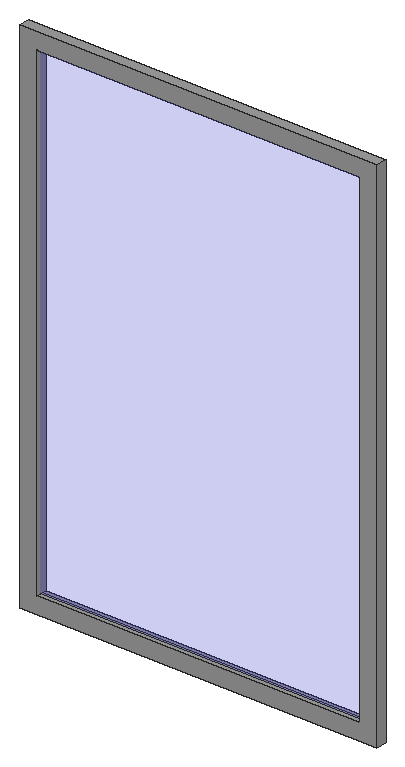
Revit family
Parameters (values of type "Curtain Wall Awning")
  Assembly Code = "B2020100"
  Glass Pane Material = Glass
  Offset = 0' - 3"
  Sash Material = Metal - Aluminum
  Sash Width = 0' - 3"
  Thickness = 0' - 2"
Reference planes (in)
  plane 1: y = 0
  plane 2: z = 0
  plane 3: x = 0
  plane 4: x = -32.75106
  plane 5: x = 32.75106
  plane 6: z = 96
  plane 7: y = 3
  plane 8: y = 1
  plane 9: z = 93
  plane 10: z = 3
  plane 11: x = 29.75106
  plane 12: x = -29.75106
  plane 13 "Closure": y = 1.75
Forms (in)
  Extrusion 1, solid, material "Metal - Aluminum" <- "Sash Material"
    sketch origin (0, 0, 0) x (0, 0, -1) y (1, 0, 0)
      loop
        line (-96, 32.75106) -> (-96, -32.75106) -> (0, -32.75106) -> (0, 32.75106) -> (-96, 32.75106)
      loop
        line (-93, 29.75106) -> (-93, -29.75106) -> (-3, -29.75106) -> (-3, 29.75106) -> (-93, 29.75106)
    from -3 to -1
  Extrusion 2, solid, material "Glass" <- "Glass Pane Material"
    sketch origin (0, 1, 0) x (0, 0, -1) y (1, 0, 0)
      loop
        line (-93, -29.75106) -> (-3, -29.75106) -> (-3, 29.75106) -> (-93, 29.75106) -> (-93, -29.75106)
    from -1.25 to -0.75
Lines and regions (in)
  symbolic lines, style "WindowsFrameMullionProjection"
    curve 1: line (32.75106, 3, 0) -> (-32.75106, 3, 0)
    curve 2: line (32.75106, 1, 0) -> (32.75106, 3, 0)
    curve 3: line (-32.75106, 1, 0) -> (32.75106, 1, 0)
    curve 4: line (-32.75106, 3, 0) -> (-32.75106, 1, 0)
    curve 7: line (-32.75106, 3, 0) -> (-29.75106, 3, 0)
    curve 8: line (-32.75106, 1, 0) -> (-32.75106, 3, 0)
    curve 9: line (-29.75106, 1, 0) -> (-32.75106, 1, 0)
    curve 10: line (-29.75106, 3, 0) -> (-29.75106, 1, 0)
    curve 11: line (32.75106, 3, 0) -> (29.75106, 3, 0)
    curve 12: line (32.75106, 1, 0) -> (32.75106, 3, 0)
    curve 13: line (29.75106, 1, 0) -> (32.75106, 1, 0)
    curve 14: line (29.75106, 3, 0) -> (29.75106, 1, 0)
  symbolic lines, style "Elevation Swing"
    curve 5: line (29.75106, 0, 3) -> (0.29986, 0, 93)
    curve 6: line (-29.75106, 0, 3) -> (0.29986, 0, 93)
  symbolic lines, style "WindowsGlassProjection"
    curve 15: line (-29.75106, 2, 0) -> (29.75106, 2, 0)
Text (in)
  text "Exterior" at (-7.94921, 33.79749, 0), in view "Base Line"
Dimensions and locks (in)
  equal spacing: plane 4, plane 3, plane 5
  "Offset": plane 1 to plane 7
  "Thickness": plane 8 to plane 7
  "Sash Width": plane 11 to plane 5
  "Sash Width": plane 4 to plane 12
  "Sash Width": plane 9 to plane 6
  "Sash Width": plane 2 to plane 10
  Extrusion 2 to Extrusion 2 to plane 7 = 0' - 0 1/2", 0' - 0 3/4"
  locked: plane 13 "Closure" to plane 7 at 1.25
  aligned and locked: Extrusion 1 to plane 7
  aligned and locked: plane 8 to Extrusion 1
Automatic sketch dimensions
  Extrusion 1 sketch curve to plane 4 = 0' - 0"
  Extrusion 1 sketch curve to plane 6 = 0' - 0"
  Extrusion 1 sketch curve to plane 9 = 0' - 0"
  Extrusion 1 sketch curve to plane 10 = 0' - 0"
  Extrusion 1 sketch curve to level = 0' - 0"
  Extrusion 1 sketch curve to plane 12 = 0' - 0"
  Extrusion 1 sketch curve to plane 11 = 0' - 0"
  Extrusion 1 sketch curve to plane 5 = 0' - 0"
  Extrusion 2 sketch curve to plane 9 = 0' - 0"
  Extrusion 2 sketch curve to plane 10 = 0' - 0"
  Extrusion 2 sketch curve to plane 12 = 0' - 0"
  Extrusion 2 sketch curve to plane 11 = 0' - 0"
  curve 5 to plane 9 = 0' - 0"
  curve 6 to plane 10 = 0' - 0"
  curve 5 to plane 10 = 0' - 0"
  curve 6 to plane 12 = 0' - 0"
  curve 5 to plane 11 = 0' - 0"
  plane 3 to curve 6 = 0' - 0.29986"
  curve 9 to plane 4 = 0' - 0"
  curve 10 to plane 7 = 0' - 0"
  curve 10 to plane 12 = 0' - 0"
  curve 11 to plane 11 = 0' - 0"
  curve 2 to plane 5 = 0' - 0"
  curve 9 to plane 8 = 0' - 0"
  curve 15 to curve 7 = 0' - 1"
